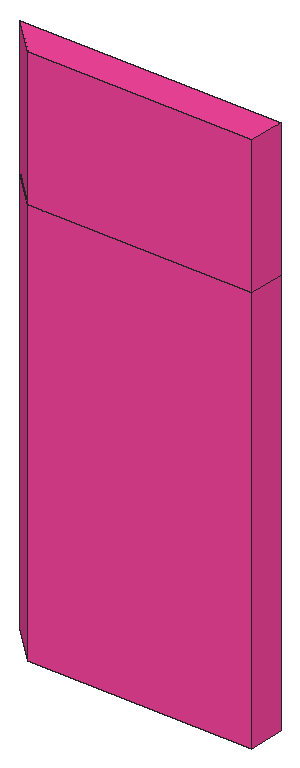
Revit family "EXP_WT-1C_CPan-003", category Curtain Panels, Revit 2021
Family settings
  OmniClass Number = 23.25.20.14.11.11.17
  OmniClass Title = Infill Panels
  Always vertical = Yes
  Cut with Voids When Loaded = No
  Shared = No
Parameters (values of type "H2 = 9'  8"")
  UI-UnitNumber [instance] = "001"
  UI-Quadrant [instance] = "SE"
  UI-ProjectAbbreviation = "NEU"
  UI-ItemCategory = "PID"
  UI-FloorNumber [instance] = "03"
  PNT-WallType = "WT1C"
  PNT-ProjectAbbreviation = "NEU"
  PNT-PanelType [instance] = "01"
  PNT-ItemCategory = "PNL"
  GlassH2 [instance] = MP-F(Glass)
  GlassH1 [instance] = MP-F(Glass)
  Define Thermal Properties by = Schematic Type
  CellSp = 0' - 10 3/16"
  CellL [instance] = 6' - 2"
  CellH2 = 9' - 8"
  CellH1 [instance] = CellH - CellH2  # 3' - 3"
  CellH [instance] = 12' - 11"
  CellAngle [instance] = 45.00°
  Analytic Construction = "<None>"
Types (2): name | PNT-WallType | CellH2 | CellH1
  H2 = 8'  5 1/2" | "WT1A" | 8' - 5 1/2" | 4' - 5 1/2"
  H2 = 9'  8" | "WT1C" | 9' - 8" | 3' - 3"
Reference planes (in)
  plane 1 "Center (Front/Back)": y = 0
  plane 2: z = 0
  plane 3 "Center (Left/Right)": x = 0
  plane 4 "Left": x = -37
  plane 5 "Right": x = 37
  plane 6 "Top": z = 155
  plane 7: z = 116
  plane 8: y = -10.1875
Forms (in)
  Extrusion 1, solid, material "MP-F(Glass)" <- "GlassH2"
    sketch origin (0, 0, 0) x (1, 0, 0) y (0, 1, 0)
      loop
        line (37, 0) -> (-37, 0) -> (-26.8125, -10.1875) -> (37, -10.1875) -> (37, 0)
    from 0 to 116
  Extrusion 2, solid, material "MP-F(Glass)" <- "GlassH1"
    sketch origin (0, 0, 0) x (1, 0, 0) y (0, 1, 0)
      loop
        line (37, 0) -> (-37, 0) -> (-26.8125, -10.1875) -> (37, -10.1875) -> (37, 0)
    from 116 to 155
Lines and regions (in)
  reference lines
    curve 1: line (-37, 0, 0) -> (-2.35177, -34.64823, 0)
Text (in)
  text "Exterior" at (-92.59733, 55.75508, 0), in view "Ref. Level"
  text "Exterior" at (0, 90.18664, 173.49264), in view "Left"
  text "Exterior" at (0, 52.29083, 162.21847), in view "Right"
Dimensions and locks (in)
  equal spacing: plane 4 "Left", plane 3 "Center (Left/Right)", plane 5 "Right"  (x2)
  "CellH2": plane 2 to plane 7
  "CellH1": plane 7 to plane 6 "Top"
  "CellL": plane 4 "Left" to plane 5 "Right"
  "CellH": plane 2 to plane 6 "Top"
  "CellSp": plane 8 to plane 1 "Center (Front/Back)"
  "CellAngle": angle curve 1 to plane 1 "Center (Front/Back)"
  aligned and locked: level to plane 2
  aligned and locked: Extrusion 1 sketch curve to plane 1 "Center (Front/Back)"
  aligned and locked: Extrusion 1 sketch curve to plane 8
  aligned and locked: Extrusion 1 sketch curve to curve 1
  aligned and locked: Extrusion 1 sketch curve to plane 5 "Right"
  aligned and locked: plane 7 to Extrusion 1
  aligned and locked: Extrusion 1 to plane 2
  aligned and locked: Extrusion 2 sketch curve to plane 1 "Center (Front/Back)"
  aligned and locked: Extrusion 2 sketch curve to plane 8
  aligned and locked: Extrusion 2 sketch curve to curve 1
  aligned and locked: Extrusion 2 sketch curve to plane 5 "Right"
  aligned and locked: Extrusion 2 to plane 6 "Top"
  aligned and locked: Extrusion 2 to plane 7
  aligned and locked: plane 1 "Center (Front/Back)" to nested 1
  aligned and locked: plane 5 "Right" to nested 1
  aligned and locked: plane 4 "Left" to nested 1
  aligned and locked: nested 1 to plane 6 "Top"
  aligned and locked: plane 2 to curve 1
Automatic sketch dimensions
  plane 1 "Center (Front/Back)" to curve 1 = 0' - 0"
  curve 1 to plane 4 "Left" = 0' - 0"
Nested families (in)
  nested 1: "EXP_xx_DetO-002" at (0, 0, 0), CellH <- "CellH", CellL <- "CellL", type "EXP_xx_DetO-002", detail levels coarse
    with CellL 6' - 2", CellH 12' - 11"
Definition of nested family "EXP_xx_DetO-002"
  Parameters (values of type "EXP_xx_DetO-002")
    Default Elevation = 0' - 0"
    CellL [instance] = 5' - 4.56693"
    CellH [instance] = 5' - 2.99213"
  Reference planes (in)
    plane 1 "Center (Front/Back)": y = 0
    plane 2: z = 0
    plane 3 "Center (Left/Right)": x = 0
    plane 4: x = -32.28346
    plane 5: x = 32.28346
    plane 6: z = 62.99213
  Lines and regions (in)
    model lines
      curve 1: line (-32.28346, 0, 62.99213) -> (32.28346, 0, 0)
      curve 2: line (32.28346, 0, 62.99213) -> (-32.28346, 0, 0)
  Dimensions and locks (in)
    "CellH": plane 6 to level
    equal spacing: plane 4, plane 3 "Center (Left/Right)", plane 5
    "CellL": plane 4 to plane 5
    aligned and locked: level to plane 2
  Automatic sketch dimensions
    curve 2 to level = 0' - 0"
    plane 4 to curve 2 = 0' - 0"
    plane 4 to curve 1 = 0' - 0"
    plane 5 to curve 2 = 0' - 0"
    curve 1 to level = 0' - 0"
    plane 5 to curve 1 = 0' - 0"
    curve 2 to plane 6 = 0' - 0"
    curve 1 to plane 6 = 0' - 0"
